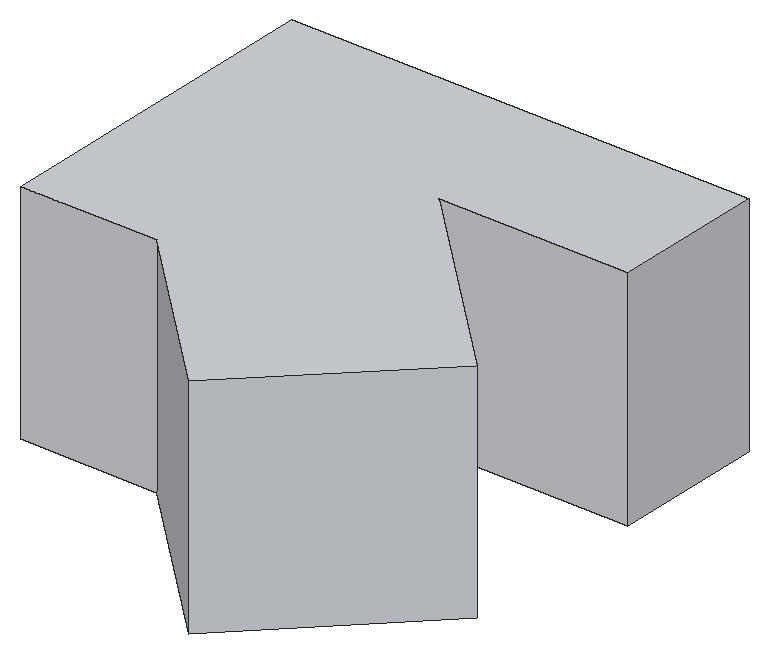
Revit family "3335e3eb35d143c38bfe37c51e244a3a", category Duct Fittings, Revit 2021
Family settings
  Round Connector Dimension = Use Diameter
  Part Type = Lateral Tee
  OmniClass Number = 23.75.70.14
  OmniClass Title = Air Ductwork
  Seek Item ID = Rectangular Wye - Lateral - Transition-0000-USA-ENU
  Work Plane-Based = No
  Always vertical = Yes
  Cut with Voids When Loaded = No
  Shared = No
Parameters (values of type "Standard")
  l8 [instance] = 0' 0 1/32"  # 1/32"
  l7 [instance] = if(or(Angle < 90.00°, Duct Width 1 > Duct Width 2), abs(l4 * cos(Angle)), (Duct Width 3) * sin(Angle) / 4)  # 11 1/2"
  l6 [instance] = if(Angle = 90.00°, (Duct Width 3) / (2 * sin(Angle)) + 0' 1", if(or(Angle < 90.00°, Duct Width 1 > Duct Width 2), (Duct Width 3) / (2 * sin(Angle)), (Duct Width 3) * sin(Angle) / 4))  # 8.48528"
  l5 [instance] = abs((Duct Width 3) * cos(Angle) / (2 * sin(Angle)))  # 6"
  l4 [instance] = l1 / sin(Angle)  # 16.26346"
  l3 [instance] = abs(if(Angle = 90.00°, l0, if(and(Angle > 90.00°, Duct Width 1 < Duct Width 2), L1 - abs(l2 * cos(Angle) / sin(Angle)), l2 * cos(Angle) / sin(Angle))))  # 7.25736"
  Duct Width 2 [instance] = 8"
  l2 [instance] = l1 - h0  # 7.25736"
  l1 [instance] = if(Duct Width 1 > Duct Width 2, Duct Width 1 / 2 + CL_Offset, Duct Width 2 / 2 + CL_Offset)  # 11 1/2"
  l0 [instance] = if(Angle = 90.00°, (Duct Width 3) * sin(Angle) / 2 + 0' 1", if(or(Angle < 90.00°, Duct Width 1 > Duct Width 2), (Duct Width 3) * sin(Angle) / 2, (Duct Width 3) / (2 * sin(Angle)) + abs(l4 * cos(Angle))))  # 4.24264"
  h0 [instance] = abs(Duct Width 3 * cos(Angle) / 2)  # 4.24264"
  Duct Width 3 [instance] = 12"
  Duct Width 1 [instance] = 18"
  L3 [instance] = if(Angle = 90.00°, l1 + 0' 1", l4 + l5)  # 22.26346"
  L1 [instance] = if(or(Angle < 90.00°, Duct Width 1 > Duct Width 2), (Duct Width 3) / (2 * sin(Angle)) + abs(l4 * cos(Angle)) + (Duct Width 3) * sin(Angle) / 2, (Duct Width 3) * sin(Angle) / 4 + (Duct Width 3) * sin(Angle) / 4 + (Duct Width 3) / (2 * sin(Angle)) + abs(l4 * cos(Angle)))  # 24.22792"
  Duct Height [instance] = 12"
  Default Elevation = 0' - 0"
  CL_Offset 3 [instance] = if(Angle > 90.00°, Duct Width 1 + 2 * CL_Offset, Duct Width 1)  # 18"
  CL_Offset 2 [instance] = Duct Width 1 + CL_Offset  # 20 1/2"
  CL_Offset 1 [instance] = if(Angle > 90.00°, Duct Width 1 + 3 * CL_Offset, Duct Width 1 - CL_Offset)  # 15 1/2"
  CL_Offset [instance] = abs((Duct Width 1 - Duct Width 2) / 4)  # 2 1/2"
  Assembly Code = ""
  Angle [instance] = 45.00°
  12 [instance] = abs(l2 * cos(Angle) / sin(Angle))  # 7.25736"
  11 [instance] = L1 - abs(l2 * cos(Angle) / sin(Angle))  # 16.97056"
Reference planes (in)
  plane 1 "Centre (Front/Back)": y = 0
  plane 2: z = 0
  plane 3 "Centre (Left/Right)": x = 0
  plane 4: x = -4.24264
  plane 5: x = 11.5
  plane 6: x = 19.98528
  plane 7: y = 2.5
  plane 8: y = -2.5
  plane 9: x = 3.01472
  plane 10: x = 12.72792
  plane 11: y = -18
  plane 12: x = -4.27389
  plane 13: x = 20.01653
Forms (in)
  Sweep 1, solid, detail levels medium+fine
    path in 3D
      loop
        line (3.01472, -2.5, 0) -> (-4.24264, -2.5, 0)
    profile "Duct - Rectangular : Duct - Rectangular 1" origin (-0.61396, -2.5, 0) x (0, -1, 0) y (0, 0, 1)
      loop
        line (-9, 6) -> (-9, -6) -> (9, -6) -> (9, 6) -> (-9, 6)
  Sweep 2, solid, detail levels medium+fine
    path in 3D
      loop
        line (0, 0, 0) -> (15.74264, -15.74264, 0)
    profile "Duct - Rectangular : Duct - Rectangular 3" origin (7.87132, -7.87132, 0) x (0.707107, 0.707107, 0) y (0, 0, 1)
      loop
        line (-6, 6) -> (-6, -6) -> (6, -6) -> (6, 6) -> (-6, 6)
  Sweep 3, solid, detail levels medium+fine
    path in 3D
      loop
        line (3.01472, 2.5, 0) -> (19.98528, 2.5, 0)
    profile "Duct - Rectangular : Duct - Rectangular 2" origin (11.5, 2.5, 0) x (0, 1, 0) y (0, 0, 1)
      loop
        line (-4, 6) -> (-4, -6) -> (4, -6) -> (4, 6) -> (-4, 6)
  Sweep 4, void, detail levels medium+fine
    path in 3D
      loop
        line (-4.24264, -2.5, 0) -> (-4.27389, -2.5, 0)
    profile "Duct - Rectangular : Duct - Rectangular 1" origin (-4.25827, -2.5, 0) x (0, -1, 0) y (0, 0, 1)
      loop
        line (-9, 6) -> (-9, -6) -> (9, -6) -> (9, 6) -> (-9, 6)
  Sweep 5, void, detail levels medium+fine
    path in 3D
      loop
        line (20.01653, 2.5, 0) -> (19.98528, 2.5, 0)
    profile "Duct - Rectangular : Duct - Rectangular 2" origin (20.00091, 2.5, 0) x (0, -1, 0) y (0, 0, 1)
      loop
        line (-4, 6) -> (-4, -6) -> (4, -6) -> (4, 6) -> (-4, 6)
Cuts and joins
  Sweep 4, Sweep 5 cuts Sweep 2
  joined: Sweep 1, Sweep 2, Sweep 3
Lines and regions (in)
  reference lines
    curve 1: line (3.01472, -2.5, 0) -> (-4.24264, -2.5, 0)
    curve 2: line (0, 0, 0) -> (15.74264, -15.74264, 0)
    curve 5: line (3.01472, 2.5, 0) -> (19.98528, 2.5, 0)
    curve 9: line (-4.24264, -2.5, 0) -> (-4.27389, -2.5, 0)
    curve 10: line (20.01653, 2.5, 0) -> (19.98528, 2.5, 0)
  sketch lines
    curve 3: line (3.01472, -2.5, 0) -> (-4.24264, -2.5, 0)
    curve 4: line (0, 0, 0) -> (15.74264, -15.74264, 0)
    curve 6: line (3.01472, 2.5, 0) -> (19.98528, 2.5, 0)
    curve 11: line (-4.24264, -2.5, 0) -> (-4.27389, -2.5, 0)
    curve 12: line (20.01653, 2.5, 0) -> (19.98528, 2.5, 0)
  model lines, detail levels coarse
    curve 7: line (19.98528, 2.5, 0) -> (-4.24264, -2.5, 0)
    curve 8: line (1.34654, -1.34654, 0) -> (15.74264, -15.74264, 0)
Dimensions and locks (in)
  "l0": plane 4 to plane 3 "Centre (Left/Right)"
  "l7": plane 3 "Centre (Left/Right)" to plane 5
  "l6": plane 5 to plane 6
  "l3": plane 4 to plane 9
  "L3": curve 2 to curve 2
  "l3": plane 10 to plane 6
  "CL_Offset 3": plane 1 "Centre (Front/Back)" to plane 11
  "CL_Offset 1": plane 8 to plane 11
  "CL_Offset 2": plane 11 to plane 7
  "l8": plane 12 to plane 4
  "l8": plane 6 to plane 13
  "L3": curve 2 to curve 8
  "Angle": angle curve 2 to plane 1 "Centre (Front/Back)"
  aligned and locked: curve 1 to plane 8
  aligned and locked: plane 9 to curve 1
  aligned and locked: plane 9 to curve 5
  aligned and locked: plane 6 to curve 5
  aligned and locked: plane 7 to curve 5
  aligned and locked: plane 6 to curve 7
  aligned and locked: plane 7 to curve 7
  aligned and locked: plane 4 to curve 7
  aligned and locked: plane 8 to curve 7
  aligned and locked: curve 2 to curve 8
  aligned and locked: curve 9 to plane 8
  aligned and locked: plane 4 to curve 9
  aligned and locked: plane 12 to curve 9
  aligned and locked: curve 10 to plane 7
  aligned and locked: plane 13 to curve 10
Automatic sketch dimensions
  curve 2 to plane 1 "Centre (Front/Back)" = 0' - 0"
  curve 2 to plane 3 "Centre (Left/Right)" = 0' - 0"
Connectors (in)
  hvac at (-4.24264, -2.5, 0), driven by "Duct Height", driven by "Duct Width 1"
    settings: on cut or joined group of Sweep 1, Sweep 2, Sweep 3, Sweep 4, Sweep 5, index 1, duct flow 0 CFM, flow factor 0, pres drop 0.00 in-wg, loss coef 0, conn angle 0.00°, conn width 18", conn height 12", conn diameter 24", duct sys type 28, conn prof type 1, flow config 0, flow direction 0, loss method 0, conn ref index -1, conn util no, is conn primary yes, conn desc ""
  hvac at (19.98528, 2.5, 0), driven by "Duct Height", driven by "Duct Width 2"
    settings: on Sweep 3, index 2, duct flow 0 CFM, flow factor 0, pres drop 0.00 in-wg, loss coef 0, conn angle 0.00°, conn width 8", conn height 12", conn diameter 24", duct sys type 28, conn prof type 1, flow config 0, flow direction 0, loss method 0, conn ref index -1, conn util no, is conn primary no, conn desc ""
  hvac at (15.74264, -15.74264, 0), driven by "Duct Height", driven by "Duct Width 3", driven by "Angle"
    settings: on cut or joined group of Sweep 1, Sweep 2, Sweep 3, Sweep 4, Sweep 5, index 3, duct flow 0 CFM, flow factor 0, pres drop 0.00 in-wg, loss coef 0, conn angle 45.00°, conn width 12", conn height 12", conn diameter 24", duct sys type 28, conn prof type 1, flow config 0, flow direction 0, loss method 0, conn ref index -1, conn util no, is conn primary no, conn desc ""
